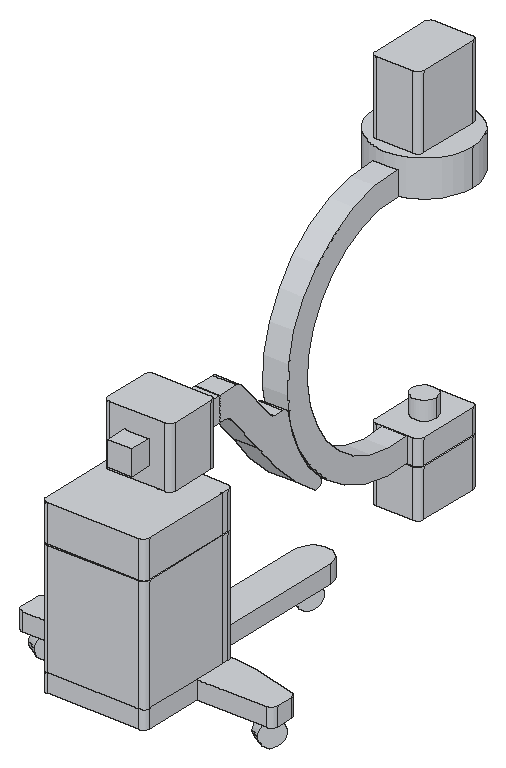
Revit family "Medical C-Arm Fluoroscopy", category Specialty Equipment, Revit 2012
Reference planes (in)
  plane 1 "Center (Front/Back)": y = 0
  plane 2: z = 0
  plane 3 "Center (Left/Right)": x = 0
  plane 4: through (-17.31604, -23.26209, 48) normal (0.866, -0.5, 0)
  plane 5: through (19.55896, -23.13709, 48) normal (0.866, -0.5, 0)
  plane 6: through (1.43396, 9.11291, 48) normal (0.866, -0.5, 0)
Forms (in)
  Extrusion 1, solid
    sketch origin (0.14436, 0.05833, 0) x (-1, 0, 0) y (0, -1, 0)
      loop
        arc (-7.5, 38) -> (-8.20711, 37.70711) -> (-8.5, 37) r 1
        line (-8.5, 37) -> (-8.5, 22.125) -> (-8.25, 22.125) -> (-8.25, 21.875) -> (-8.5, 21.875) -> (-8.5, 20.91283)
        arc (-8.5, 20.91283) -> (-8.2449, 20.24566) -> (-7.60976, 19.91887) r 1
        arc (-7.60976, 19.91887) -> (0, 19.5) -> (7.60976, 19.91887) r 69.33323
        arc (7.60976, 19.91887) -> (8.2449, 20.24566) -> (8.5, 20.91283) r 1
        line (8.5, 20.91283) -> (8.5, 21.875) -> (8.25, 21.875) -> (8.25, 22.125) -> (8.5, 22.125) -> (8.5, 37)
        arc (8.5, 37) -> (8.20711, 37.70711) -> (7.5, 38) r 1
        line (7.5, 38) -> (-7.5, 38)
    from 26 to 32
  Extrusion 2, solid
    sketch origin (0.14436, 0.05833, 0) x (-1, 0, 0) y (0, -1, 0)
      loop
        arc (-20, 27.37141) -> (-20.70711, 27.07852) -> (-21, 26.37141) r 1
        line (-21, 26.37141) -> (-21, 23.49235)
        arc (-21, 23.49235) -> (-20.80395, 22.89766) -> (-20.29268, 22.53614) r 1
        arc (-20.29268, 22.53614) -> (-12.6576, 20.66519) -> (-4.85981, 19.67053) r 69.33323
        arc (-4.85981, 19.67053) -> (-3.53706, 19.0392) -> (-3, 17.67545) r 2
        line (-3, 17.67545) -> (-3, -7)
        arc (-3, -7) -> (0, -10) -> (3, -7) r 3
        line (3, -7) -> (3, 17.67545)
        arc (3, 17.67545) -> (3.53706, 19.0392) -> (4.85981, 19.67053) r 2
        arc (4.85981, 19.67053) -> (12.6576, 20.66519) -> (20.29268, 22.53614) r 69.33323
        arc (20.29268, 22.53614) -> (20.80395, 22.89766) -> (21, 23.49235) r 1
        line (21, 23.49235) -> (21, 26.37141)
        arc (21, 26.37141) -> (20.70711, 27.07852) -> (20, 27.37141) r 1
        line (20, 27.37141) -> (8.5, 27.37141) -> (8.5, 37)
        arc (8.5, 37) -> (8.20711, 37.70711) -> (7.5, 38) r 1
        line (7.5, 38) -> (-7.5, 38)
        arc (-7.5, 38) -> (-8.20711, 37.70711) -> (-8.5, 37) r 1
        line (-8.5, 37) -> (-8.5, 27.37141) -> (-20, 27.37141)
    from 4 to 7
  Extrusion 3, solid
    sketch origin (0.14436, 0.05833, 0) x (-1, 0, 0) y (0, -1, 0)
      loop
        arc (-4.56585, 19.6505) -> (0, 19.5) -> (4.56585, 19.6505) r 69.33323
        arc (4.56585, 19.6505) -> (5.23002, 19.9649) -> (5.5, 20.64833) r 1
        line (5.5, 20.64833) -> (5.5, 27.95642)
        arc (5.5, 27.95642) -> (5.20711, 28.66352) -> (4.5, 28.95642) r 1
        line (4.5, 28.95642) -> (-4.5, 28.95642)
        arc (-4.5, 28.95642) -> (-5.20711, 28.66352) -> (-5.5, 27.95642) r 1
        line (-5.5, 27.95642) -> (-5.5, 20.64833)
        arc (-5.5, 20.64833) -> (-5.23002, 19.9649) -> (-4.56585, 19.6505) r 1
    from 34 to 44
  Extrusion 4, solid
    sketch origin (0.14436, 0.05833, 0) x (-1, 0, 0) y (0, -1, 0)
      loop
        arc (-1, 26.18852) -> (-1.70711, 25.89562) -> (-2, 25.18852) r 1
        line (-2, 25.18852) -> (-2, 23.18852)
        arc (-2, 23.18852) -> (-1.70711, 22.48141) -> (-1, 22.18852) r 1
        line (-1, 22.18852) -> (1, 22.18852)
        arc (1, 22.18852) -> (1.70711, 22.48141) -> (2, 23.18852) r 1
        line (2, 23.18852) -> (2, 25.18852)
        arc (2, 25.18852) -> (1.70711, 25.89562) -> (1, 26.18852) r 1
        line (1, 26.18852) -> (-1, 26.18852)
    from 32 to 34
  Extrusion 5, solid
    sketch origin (0.14436, 0.05833, 0) x (0, -1, 0) y (0, 0, 1)
      loop
        line (32.46123, 40.81806) -> (14.46123, 40.81806) -> (14.46123, 36.81806) -> (32.46123, 36.81806) -> (32.46123, 40.81806)
    from 2 to -2
  Extrusion 6, solid
    sketch origin (0.14436, 0.05833, 0) x (0, -1, 0) y (0, 0, 1)
      loop
        line (14.46123, 40.81806) -> (10.92027, 40.81806)
        arc (10.92027, 40.81806) -> (10.50309, 40.72689) -> (10.16198, 40.46998) r 1
        line (10.16198, 40.46998) -> (3.94935, 33.24362)
        arc (3.94935, 33.24362) -> (3.60825, 32.98671) -> (3.19106, 32.89553) r 1
        line (3.19106, 32.89553) -> (1.50636, 32.89553)
        arc (1.50636, 32.89553) -> (0.86303, 32.66112) -> (0.52131, 32.06778) r 1
        arc (0.52131, 32.06778) -> (-1.7677, 25.41261) -> (-6.01343, 19.79971) r 22.3414
        arc (-6.01343, 19.79971) -> (-6.13947, 18.67323) -> (-5.02733, 18.45421) r 0.83696
        arc (-5.02733, 18.45421) -> (1.38831, 23.41554) -> (6.58143, 29.64504) r 37.34084
        line (6.58143, 29.64504) -> (12.22069, 36.20448)
        arc (12.22069, 36.20448) -> (12.58913, 36.65066) -> (13.14302, 36.81806) r 1
        line (13.14302, 36.81806) -> (14.46123, 36.81806) -> (14.46123, 40.81806)
    from 2 to -2
  Extrusion 7, solid
    sketch origin (0.14436, -1.94167, 0) x (-1, 0, 0) y (0, -1, 0)
      loop
        circle (0, -32) r 2
    from 18 to 21
  Extrusion 8, solid
    sketch origin (0.14436, -1.94167, 0) x (-1, 0, 0) y (0, -1, 0)
      loop
        circle (0, -32) r 8
    from 54 to 60
  Extrusion 9, solid
    sketch origin (0.14436, -1.94167, 0) x (-1, 0, 0) y (0, -1, 0)
      loop
        line (3, -26) -> (-3, -26)
        arc (-3, -26) -> (-3.70711, -26.29289) -> (-4, -27) r 1
        line (-4, -27) -> (-4, -37)
        arc (-4, -37) -> (-3.70711, -37.70711) -> (-3, -38) r 1
        line (-3, -38) -> (3, -38)
        arc (3, -38) -> (3.70711, -37.70711) -> (4, -37) r 1
        line (4, -37) -> (4, -27)
        arc (4, -27) -> (3.70711, -26.29289) -> (3, -26) r 1
    from 60 to 72
  Extrusion 10, solid
    sketch origin (0.14436, 0.05833, 0) x (0, -1, 0) y (0, 0, 1)
      loop
        arc (-22, 54) -> (-3.42265, 34.91237) -> (-24, 18) r 18.0914
        line (-24, 18) -> (-24.5558, 14.0388)
        arc (-24.5558, 14.0388) -> (0.56797, 34.63376) -> (-22, 58.00132) r 22.0914
        line (-22, 58.00132) -> (-22, 54)
    from 2 to -2
  Extrusion 11, solid
    sketch origin (0.14436, 0.05833, 0) x (-1, 0, 0) y (0, -1, 0)
      loop
        arc (4, -25) -> (3.70711, -24.29289) -> (3, -24) r 1
        line (3, -24) -> (-3, -24)
        arc (-3, -24) -> (-3.70711, -24.29289) -> (-4, -25) r 1
        line (-4, -25) -> (-4, -35)
        arc (-4, -35) -> (-3.70711, -35.70711) -> (-3, -36) r 1
        line (-3, -36) -> (3, -36)
        arc (3, -36) -> (3.70711, -35.70711) -> (4, -35) r 1
        line (4, -35) -> (4, -25)
    from 14 to 18
  Extrusion 12, solid
    sketch origin (-18.06604, -24.56113, 48) x (0.5, 0.866025, 0) y (0, 0, 1)
      loop
        circle (-0.13333, -46.19307) r 2
    from 1 to -1
  Extrusion 13, solid
    sketch origin (25.80896, -12.31177, 48) x (0.5, 0.866025, 0) y (0, 0, 1)
      loop
        circle (-14.38333, -46.19307) r 2
    from 1 to -1
  Extrusion 14, solid
    sketch origin (17.80896, 37.47524, 48) x (0.5, 0.866025, 0) y (0, 0, 1)
      loop
        circle (-35.97114, -46.19307) r 2
    from 1 to -1
  Extrusion 15, void
    sketch origin (0.14436, 0.05833, 0) x (-1, 0, 0) y (0, -1, 0)
      loop
        line (-2, 28.95642) -> (-2, 19.52885)
        arc (-2, 19.52885) -> (0, 19.5) -> (2, 19.52885) r 69.33323
        line (2, 19.52885) -> (2, 28.95642) -> (-2, 28.95642)
    from 36.8125 to 40.8125
  Extrusion 16, solid
    sketch origin (0.14436, 0.05833, 0) x (-1, 0, 0) y (0, -1, 0)
      loop
        arc (8.5, 37) -> (8.20711, 37.70711) -> (7.5, 38) r 1
        line (7.5, 38) -> (-7.5, 38)
        arc (-7.5, 38) -> (-8.20711, 37.70711) -> (-8.5, 37) r 1
        line (-8.5, 37) -> (-8.5, 22.125) -> (-8.25, 22.125) -> (-8.25, 21.875) -> (-8.5, 21.875) -> (-8.5, 20.91283)
        arc (-8.5, 20.91283) -> (-8.2449, 20.24566) -> (-7.60976, 19.91887) r 1
        arc (-7.60976, 19.91887) -> (0, 19.5) -> (7.60976, 19.91887) r 69.33323
        arc (7.60976, 19.91887) -> (8.2449, 20.24566) -> (8.5, 20.91283) r 1
        line (8.5, 20.91283) -> (8.5, 21.875) -> (8.25, 21.875) -> (8.25, 22.125) -> (8.5, 22.125) -> (8.5, 37)
    from 7 to 25.75
  Extrusion 17, solid
    sketch origin (0.14436, 0.05833, 0) x (-1, 0, 0) y (0, -1, 0)
      loop
        line (-4, -25) -> (-4, -35)
        arc (-4, -35) -> (-3.70711, -35.70711) -> (-3, -36) r 1
        line (-3, -36) -> (3, -36)
        arc (3, -36) -> (3.70711, -35.70711) -> (4, -35) r 1
        line (4, -35) -> (4, -25)
        arc (4, -25) -> (3.70711, -24.29289) -> (3, -24) r 1
        line (3, -24) -> (-3, -24)
        arc (-3, -24) -> (-3.70711, -24.29289) -> (-4, -25) r 1
    from 6 to 13.75
Cuts and joins
  Extrusion 15 cuts Extrusion 3
  Extrusion 15 cuts Extrusion 5
Dimensions and locks (in)
  Extrusion 5 to level = 3' - 0.81806"
  Extrusion 5 to level = 3' - 4.81806"
  aligned and locked: level to plane 2
